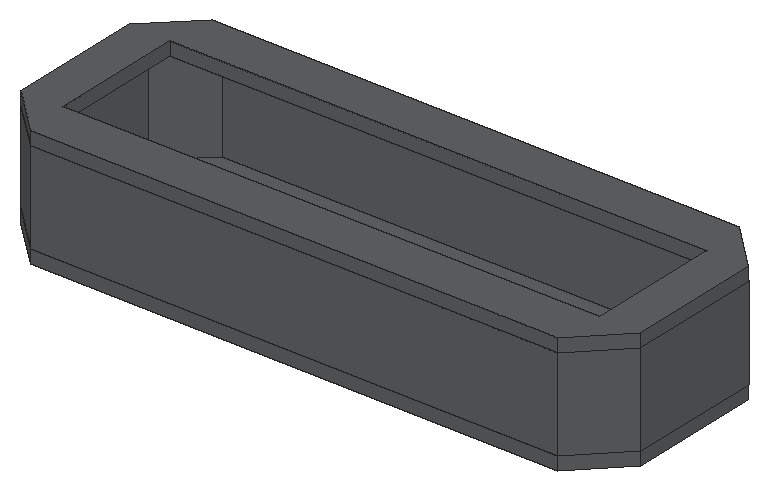
Revit family "Universalträger UT4, Systemlänge 208 mm, 40", category Generic Models, Revit 2015
Parameters (values of type "UT4 45 4")
  Width = 76 mm
  URL = "http://www.obo-bettermann.com"
  Material = OBO PA
  Manufacturer Art.No. = "7408727"
  Manufacturer = "OBO Bettermann"
  Length = 208 mm
  Height 1 = 4.5 mm
  Height = 40 mm
  GTIN = "4012196435265"
  Article Type = "UT4 45 4"
Reference planes
  plane 1 "Center (Front/Back)": y = 0
  plane 2: z = 0
  plane 3 "Center (Left/Right)": x = 0
  plane 4: z = 4.5
  plane 5: z = 35.5
  plane 6: z = 40
Forms (mm)
  Extrusion 1, solid, material "OBO PA" <- "Material"
    sketch origin (0, 0, 0) x (1, 0, 0) y (0, 1, 0)
      loop
        line (-88.417, 38) -> (-103.98, 23) -> (-103.98, -23) -> (-88.417, -38) -> (88.433, -38) -> (104.02, -22.413) -> (104.02, 22.6) -> (88.433, 38) -> (-88.417, 38)
    from 0 to 4.5
  Extrusion 2, solid, material "OBO PA" <- "Material"
    sketch origin (0, 0, 0) x (1, 0, 0) y (0, 1, 0)
      loop
        line (88.433, 38) -> (-88.417, 38) -> (-103.98, 23) -> (-103.98, -23) -> (-88.417, -38) -> (88.433, -38) -> (104.02, -22.413) -> (104.02, 22.6) -> (88.433, 38)
      loop
        line (80.32, 31.959) -> (-80.275, 31.959) -> (-94.28, 18.46) -> (-94.28, -18.46) -> (-80.232, -32) -> (80.291, -32) -> (94.32, -17.971) -> (94.32, 18.126) -> (80.32, 31.959)
    from 4.5 to 35.5
  Extrusion 3, solid, material "OBO PA" <- "Material"
    sketch origin (0, 0, 0) x (1, 0, 0) y (0, 1, 0)
      loop
        line (88.433, 38) -> (-88.417, 38) -> (-103.98, 23) -> (-103.98, -23) -> (-88.417, -38) -> (88.433, -38) -> (104.02, -22.413) -> (104.02, 22.6) -> (88.433, 38)
      loop
        line (-90.15, 22.55) -> (-90.15, -22.55) -> (90.15, -22.55) -> (90.15, 22.55) -> (-90.15, 22.55)
    from 35.5 to 40
Dimensions and locks
  "Height 1": plane 4 to level
  locked: Extrusion 1 sketch curve to plane 3 "Center (Left/Right)" at 88.417  (x2)
  "Width": Extrusion 1 sketch curve to Extrusion 1 sketch curve
  equal spacing: Extrusion 1 sketch curve, plane 1 "Center (Front/Back)", Extrusion 1 sketch curve, locked at 38 each
  locked: Extrusion 1 sketch curve to plane 3 "Center (Left/Right)" at 103.98
  locked: Extrusion 1 sketch curve to Extrusion 1 sketch curve at 46
  equal spacing: Extrusion 1 sketch curve, plane 1 "Center (Front/Back)", Extrusion 1 sketch curve, locked at 23 each
  "Length": Extrusion 1 sketch curve to Extrusion 1 sketch curve
  locked: Extrusion 1 sketch curve to Extrusion 1 sketch curve at 176.85
  Extrusion 1 to Extrusion 2 sketch curve = 6.041 mm
  locked: Extrusion 1 to Extrusion 2 sketch curve at 10  (x4)
  locked: Extrusion 1 to Extrusion 2 sketch curve at 9.7
  locked: Extrusion 1 to Extrusion 2 sketch curve at 6
  locked: Extrusion 2 sketch curve to Extrusion 1 at 9.7
  locked: Extrusion 3 sketch curve to Extrusion 3 sketch curve at 180.3
  equal spacing: Extrusion 3 sketch curve, plane 3 "Center (Left/Right)", Extrusion 3 sketch curve, locked at 90.15 each
  locked: Extrusion 3 sketch curve to Extrusion 3 sketch curve at 45.1
  equal spacing: Extrusion 3 sketch curve, plane 1 "Center (Front/Back)", Extrusion 3 sketch curve, locked at 22.55 each
  locked: plane 6 to plane 5 at 4.5
  "Height": plane 6 to level
  aligned and locked: level to plane 2
  aligned and locked: plane 4 to Extrusion 1
  aligned and locked: Extrusion 1 sketch curve to Extrusion 1 sketch curve
  aligned and locked: Extrusion 2 sketch curve to Extrusion 1  (x8)
  aligned and locked: plane 5 to Extrusion 2
  aligned and locked: Extrusion 2 to Extrusion 1
  aligned and locked: Extrusion 3 sketch curve to Extrusion 2  (x8)
  aligned and locked: Extrusion 3 to plane 5
  aligned and locked: plane 6 to Extrusion 3
Automatic sketch dimensions
  Extrusion 1 sketch curve to Extrusion 1 sketch curve = 15.587 mm
  Extrusion 1 sketch curve to plane 1 "Center (Front/Back)" = 22.6 mm
